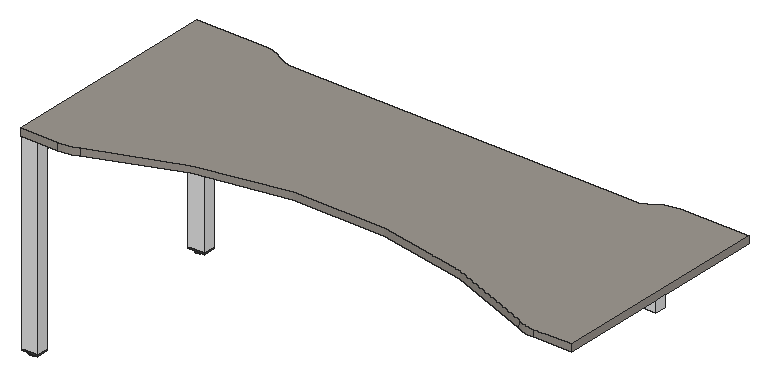
Revit family "Double Wave 800 Deep Add-on Unit", category Furniture, Revit 2016
Family settings
  OmniClass Number = 23.40.20.00
  OmniClass Title = General Furniture and Specialties
  Work Plane-Based = No
  Always vertical = Yes
  Cut with Voids When Loaded = No
  Shared = No
  Room Calculation Point = No
Parameters (values of type "2000 x 800")
  Width = 2000 mm
  URL = "www.gof.co.uk"
  Type Comments = ""
  Range = "MESA"
  Product Code = "MEFDW2008A"
  Desktop = Gresham - Nordic Ash
  Model = ""
  Manufacturer = "Gresham Office Furniture"  # constant formula
  Frame = Gresham - Black Metal
  Foot = Gresham - Black Plastic
  Assembly Code = "E2020200"
Types (4, lengths in mm): name | Width | Product Code
  (no name) | 2000 | "MEFDW2008A"
  1600 x 800 | 1600 | "MEFDW1608A"
  1800 x 800 | 1800 | "MEFDW1808A"
  2000 x 800 | 2000 | "MEFDW2008A"
Reference planes
  plane 1 "Center (Front/Back)": y = 200
  plane 2: z = 0
  plane 3 "Center (Left/Right)": x = 0
  plane 4: x = -1000
  plane 5: x = 1000
  plane 6 "Desktop Underside": z = 702
  plane 7: y = 600
  plane 8: y = -200
  plane 9 "Foot": z = 10
Forms (mm)
  Extrusion 1, solid, material "Gresham - Nordic Ash" <- "Desktop"
    sketch origin (0, 0, 702) x (-1, 0, 0) y (0, -1, 0)
      loop
        line (750, -600) -> (1000, -600) -> (1000, 200) -> (863.111, 200)
        arc (863.111, 200) -> (829.249, 196.128) -> (797.135, 184.711) r 150
        arc (797.135, 184.711) -> (0, -0.01) -> (-797.135, 184.711) r 1812.317
        arc (-797.135, 184.711) -> (-829.249, 196.128) -> (-863.111, 200) r 150
        line (-863.111, 200) -> (-1000, 200) -> (-1000, -600) -> (-750, -600)
        arc (-750, -600) -> (-713.236, -594.237) -> (-680, -577.5) r 120.139
        arc (-680, -577.5) -> (-646.764, -560.763) -> (-610, -555) r 120.139
        line (-610, -555) -> (610, -555)
        arc (610, -555) -> (646.764, -560.763) -> (680, -577.5) r 120.139
        arc (680, -577.5) -> (713.236, -594.237) -> (750, -600) r 120.139
    from 0 to 25
  Extrusion 2, solid, material "Gresham - Black Metal" <- "Frame"
    sketch origin (0, 0, 0) x (0, 1, 0) y (0, 0, 1)
      loop
        line (220, 662) -> (220, 702) -> (180, 702) -> (180, 662) -> (220, 662)
    from -937.5 to 1000
Dimensions and locks
  locked: plane 6 "Desktop Underside" to plane 2 at 702
  equal spacing: plane 4, plane 3 "Center (Left/Right)", plane 5
  "Width": plane 4 to plane 5
  equal spacing: plane 7, plane 1 "Center (Front/Back)", plane 8
  locked: plane 7 to plane 8 at 800
  locked: Extrusion 1 to level at 727
  locked: Extrusion 1 sketch curve to Extrusion 1 sketch curve at 250  (x2)
  locked: plane 4 to nested 1 at 2.5
  locked: nested 1 to plane 8 at 2.5
  locked: nested 1 to Extrusion 2 at 60
  Extrusion 1 sketch curve to Extrusion 1 sketch curve = 136.889 mm  (x2)
  Extrusion 1 sketch curve to plane 5 = 202.865 mm
  plane 4 to Extrusion 1 sketch curve = 202.865 mm
  locked: Extrusion 1 sketch curve to plane 8 at 200.01
  radius of Extrusion 1 sketch curve = 150 mm  (x2)
  aligned and locked: level to plane 2
  aligned and locked: Extrusion 1 to plane 4  (x2)
  aligned and locked: Extrusion 1 sketch curve to plane 4
  aligned and locked: Extrusion 1 sketch curve to plane 5
  aligned and locked: plane 8 to Extrusion 1 sketch curve
  aligned and locked: Extrusion 2 to plane 5
Automatic sketch dimensions
  Extrusion 2 sketch curve to plane 6 "Desktop Underside" = 0 mm
  plane 1 "Center (Front/Back)" to Extrusion 2 sketch curve = 20 mm
  Extrusion 2 sketch curve to plane 1 "Center (Front/Back)" = 20 mm
  Extrusion 2 sketch curve to plane 6 "Desktop Underside" = 40 mm
  Extrusion 1 sketch curve to plane 7 = 0 mm  (x2)
  Extrusion 1 sketch curve to plane 7 = 45 mm
  Extrusion 1 sketch curve to Extrusion 1 sketch curve = 140 mm  (x2)
  plane 7 to Extrusion 1 sketch curve = 75.139 mm  (x2)
  Extrusion 1 sketch curve to Extrusion 1 sketch curve = 120.139 mm
  Extrusion 1 sketch curve to plane 7 = 120.139 mm
  Extrusion 1 sketch curve to plane 3 "Center (Left/Right)" = 0 mm
Nested families
  nested 1: "800 Mesa Leg" at (-600, 0, 0) x (-1, 0, 0) z (0, 0, 1), type "800 Mesa Leg"
Definition of nested family "800 Mesa Leg"
  Parameters (values of type "800 Mesa Leg")
    Width = 800 mm
    URL = "www.gof.co.uk"
    Type Comments = ""
    Range = "MESA"
    Product Code = "600 Leg"
    Model = ""
    Manufacturer = "Gresham Office Furniture"  # constant formula
    Frame = none
    Foot = none
    Assembly Code = "E2020200"
  Reference planes
    plane 1 "Center (Front/Back)": y = 200
    plane 2: z = 0
    plane 3 "Center (Left/Right)": x = 0
    plane 4: x = -400
    plane 5: x = 400
    plane 6 "Desktop Underside": z = 702
    plane 7: y = 600
    plane 8: y = -200
    plane 9 "Foot": z = 10
  Forms (mm)
    Extrusion 1, solid, material <- "Frame"
      sketch origin (997.5, 311.693, 702) x (0, -1, 0) y (0, 0, 1)
        loop
          line (-16.394, 0) -> (-285.807, 0) -> (-285.807, -692) -> (-245.807, -692) -> (-245.807, -40) -> (469.193, -40) -> (469.193, -692) -> (509.193, -692) -> (509.193, 0) -> (-16.394, 0)
      from 600 to 660
    Extrusion 2, solid, material <- "Foot"
      sketch origin (481.991, 484.546, 10) x (-0.707107, 0.707107, 0) y (-0.707107, -0.707107, 0)
        loop
          line (-380.109, 584.45) -> (-422.535, 542.023) -> (-394.251, 513.739) -> (-351.824, 556.165) -> (-380.109, 584.45)
        loop
          line (182.041, 22.3) -> (153.757, 50.584) -> (111.331, 8.158) -> (139.615, -20.127) -> (182.041, 22.3)
      from 0 to -5
    Extrusion 3, solid
      sketch origin (487.674, 479.532, 0) x (0.707107, -0.707107, 0) y (0.707107, 0.707107, 0)
        loop
          circle (-154.25, -15.702) r 18
        loop
          circle (379.616, -549.567) r 18
      from 0 to 5
  Dimensions and locks
    locked: plane 6 "Desktop Underside" to plane 2 at 702
    equal spacing: plane 4, plane 3 "Center (Left/Right)", plane 5
    "Width": plane 4 to plane 5
    equal spacing: plane 7, plane 1 "Center (Front/Back)", plane 8
    locked: plane 7 to plane 8 at 800
    Extrusion 1 sketch curve to Extrusion 1 sketch curve = 40 mm  (x2)
    locked: Extrusion 1 to plane 8 at 2.5
    locked: plane 7 to Extrusion 1 at 2.5
    Extrusion 1 to Extrusion 2 sketch curve = 40 mm
    locked: Extrusion 1 to Extrusion 1 at 60
    locked: Extrusion 1 to plane 5 at 2.5
    locked: Extrusion 3 sketch curve to plane 5 at 32.5
    locked: plane 7 to Extrusion 3 sketch curve at 22.5
    aligned and locked: level to plane 2
  Automatic sketch dimensions
    Extrusion 1 sketch curve to plane 6 "Desktop Underside" = 0 mm
    Extrusion 1 sketch curve to plane 9 "Foot" = 0 mm  (x2)
    Extrusion 1 sketch curve to plane 1 "Center (Front/Back)" = 128.087 mm
    plane 5 to Extrusion 2 sketch curve = 2.5 mm
    plane 8 to Extrusion 2 sketch curve = 2.5 mm
    Extrusion 2 sketch curve to Extrusion 2 sketch curve = 28.284 mm  (x3)
    Extrusion 2 sketch curve to Extrusion 2 sketch curve = 42.426 mm  (x2)
    Extrusion 2 sketch curve to Extrusion 2 sketch curve = 505.581 mm
    Extrusion 1 sketch curve to plane 7 = 42.5 mm
    plane 8 to Extrusion 1 sketch curve = 42.5 mm
    Extrusion 1 sketch curve to plane 6 "Desktop Underside" = 40 mm
    Extrusion 3 sketch curve to Extrusion 3 sketch curve = 533.866 mm  (x2)
    radius of Extrusion 3 sketch curve = 18 mm  (x2)
